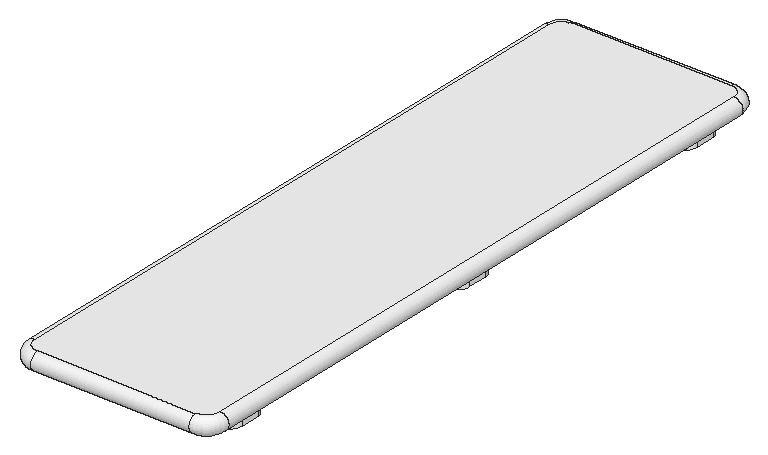
Revit family
Parameters (values of type "Plastic-0-White")
  Width [instance] = 0' - 7 1/2"
  URL = "http://www.us.kohler.com/us/"
  Product Page URL = "http://www.us.kohler.com/us/Bellwether-plastic-drain-cover-for-60-x-32-shower-base/productDetail/Shower-Bases/983312.htm?skuId=983304&brandId=1027726&pageName=globalSearch&_requestid=1610230"
  Product Documentation Link = "http://www.us.kohler.com/webassets/kpna/catalog/pdf/en/1217180_4.pdf"
  Model = "9155-0"
  Manufacturer = "Kohler"  # constant formula
  Length [instance] = 2' - 1 3/8"
  Height [instance] = 0' - 1.15703"
  Finish = Plastic-Kohler-0-White
  Description = "Plastic drain cover for 60in x 32in shower base"  # constant formula
  Assembly Code = "D2010700"
Reference planes (in)
  plane 1 "Center (Front/Back)": y = 0
  plane 2: z = 0
  plane 3 "Center (Left/Right)": x = 0
  plane 4: y = 12.6875
  plane 5: y = -12.6875
  plane 6: x = -3.75
  plane 7: x = 3.75
  plane 8: z = 1.15703
Dimensions and locks (in)
  "Width": plane 6 to plane 7
  "Length": plane 5 to plane 4
  "Height": plane 8 to plane 2
  equal spacing: plane 6, plane 3 "Center (Left/Right)", plane 7
  aligned and locked: plane 2 to level
Nested families (in)
  nested 1: "9155-Base" at (0, 0, 0), type "9155-Base"
Definition of nested family "9155-Base"
  Parameters (values of type "9155-Base")
    Width = 0' - 7 1/2"
    Length = 2' - 1 3/8"
    Finish = none
  Reference planes (in)
    plane 1 "Center (Front/Back)": y = 0
    plane 2: z = 0
    plane 3 "Center (Left/Right)": x = 0
    plane 4: y = 12.6875
    plane 5: y = -12.6875
    plane 6: x = -3.75
    plane 7: x = 3.75
    plane 8: z = 1.15625
  Forms (in)
    Extrusion 1, solid, material <- "Finish", detail levels medium+fine
      sketch origin (0, 0, 0) x (1, 0, 0) y (0, 1, 0)
        loop
          line (0, 10.57208) -> (-1.35946, 10.57208)
          arc (-1.35946, 10.57208) -> (-1.38712, 10.57888) -> (-1.40846, 10.59774) r 0.0596
          arc (-1.40846, 10.59774) -> (-1.73933, 10.85221) -> (-2.08283, 10.61507) r 0.35429
          arc (-2.08283, 10.61507) -> (-2.1065, 10.58364) -> (-2.144, 10.57172) r 0.06474
          line (-2.144, 10.57172) -> (-2.56006, 10.57073)
          arc (-2.56006, 10.57073) -> (-2.59843, 10.59116) -> (-2.61288, 10.63216) r 0.05991
          line (-2.61288, 10.63216) -> (-2.61288, 10.83861)
          arc (-2.61288, 10.83861) -> (-2.68749, 11.01608) -> (-2.8665, 11.08693) r 0.24838
          line (-2.8665, 11.08693) -> (-3.22522, 11.08693)
          arc (-3.22522, 11.08693) -> (-3.39289, 11.02362) -> (-3.47685, 10.86528) r 0.25366
          line (-3.47685, 10.86528) -> (-3.47685, 10.12221)
          arc (-3.47685, 10.12221) -> (-3.39034, 9.97363) -> (-3.22915, 9.9138) r 0.25487
          line (-3.22915, 9.9138) -> (-2.85938, 9.9138)
          arc (-2.85938, 9.9138) -> (-2.68486, 9.98637) -> (-2.61325, 10.16129) r 0.24614
          line (-2.61325, 10.16129) -> (-2.61325, 10.37323)
          arc (-2.61325, 10.37323) -> (-2.59548, 10.41439) -> (-2.55335, 10.4297) r 0.05657
          line (-2.55335, 10.4297) -> (-2.13918, 10.42875)
          arc (-2.13918, 10.42875) -> (-2.10464, 10.41724) -> (-2.08378, 10.3874) r 0.05796
          arc (-2.08378, 10.3874) -> (-1.75006, 10.14701) -> (-1.41634, 10.3874) r 0.35184
          arc (-1.41634, 10.3874) -> (-1.3929, 10.41794) -> (-1.35561, 10.4275) r 0.05898
          line (-1.35561, 10.4275) -> (-0.13311, 10.42675)
          arc (-0.13311, 10.42675) -> (-0.08963, 10.4082) -> (-0.07288, 10.364) r 0.06032
          line (-0.07288, 10.364) -> (-0.07766, 2.76345)
          arc (-0.07766, 2.76345) -> (-0.09489, 2.7195) -> (-0.13737, 2.69892) r 0.06477
          arc (-0.13737, 2.69892) -> (-0.69884, 2.60219) -> (-1.23296, 2.4039) r 3.08652
          arc (-1.23296, 2.4039) -> (-1.28006, 2.40094) -> (-1.31593, 2.43161) r 0.06281
          line (-1.31593, 2.43161) -> (-2.89534, 5.15677)
          arc (-2.89534, 5.15677) -> (-2.91375, 5.17379) -> (-2.93855, 5.17748) r 0.04252
          line (-2.93855, 5.17748) -> (-3.01209, 5.13485)
          arc (-3.01209, 5.13485) -> (-3.02255, 5.11364) -> (-3.0204, 5.09008) r 0.04366
          line (-3.0204, 5.09008) -> (-1.44455, 2.35013)
          arc (-1.44455, 2.35013) -> (-1.43824, 2.30589) -> (-1.46415, 2.26948) r 0.06021
          arc (-1.46415, 2.26948) -> (-2.21544, 1.5442) -> (-2.63305, 0.58709) r 2.68386
          arc (-2.63305, 0.58709) -> (-2.66848, 0.54346) -> (-2.72462, 0.54593) r 0.0625
          arc (-2.72462, 0.54593) -> (-2.78385, 0.57245) -> (-2.84684, 0.58801) r 0.36363
          line (-2.84684, 0.58801) -> (-3.22092, 0.58801)
          arc (-3.22092, 0.58801) -> (-3.39056, 0.52453) -> (-3.47685, 0.36528) r 0.25841
          line (-3.47685, 0.36528) -> (-3.47685, -0.37779)
          arc (-3.47685, -0.37779) -> (-3.39129, -0.53179) -> (-3.22441, -0.58826) r 0.24442
          line (-3.22441, -0.58826) -> (-2.84697, -0.58826)
          arc (-2.84697, -0.58826) -> (-2.78224, -0.57738) -> (-2.72462, -0.54593) r 0.19801
          arc (-2.72462, -0.54593) -> (-2.66568, -0.53897) -> (-2.6326, -0.58826) r 0.05691
          arc (-2.6326, -0.58826) -> (-2.21214, -1.54158) -> (-1.4657, -2.26852) r 2.73533
          arc (-1.4657, -2.26852) -> (-1.43938, -2.30524) -> (-1.44455, -2.35013) r 0.06274
          line (-1.44455, -2.35013) -> (-3.0204, -5.09008)
          arc (-3.0204, -5.09008) -> (-3.02423, -5.11398) -> (-3.01121, -5.13438) r 0.03406
          line (-3.01121, -5.13438) -> (-2.93792, -5.17797)
          arc (-2.93792, -5.17797) -> (-2.91242, -5.17581) -> (-2.89534, -5.15676) r 0.0347
          line (-2.89534, -5.15676) -> (-1.31593, -2.43161)
          arc (-1.31593, -2.43161) -> (-1.28032, -2.40231) -> (-1.23423, -2.40348) r 0.06598
          arc (-1.23423, -2.40348) -> (-0.70124, -2.60852) -> (-0.13737, -2.69892) r 2.74698
          arc (-0.13737, -2.69892) -> (-0.09445, -2.7191) -> (-0.07766, -2.76345) r 0.06319
          line (-0.07766, -2.76345) -> (-0.07335, -10.36406)
          arc (-0.07335, -10.36406) -> (-0.09067, -10.40737) -> (-0.13311, -10.42675) r 0.06272
          line (-0.13311, -10.42675) -> (-1.35343, -10.42675)
          arc (-1.35343, -10.42675) -> (-1.38988, -10.41644) -> (-1.41555, -10.38858) r 0.06963
          arc (-1.41555, -10.38858) -> (-1.75006, -10.15005) -> (-2.08458, -10.38858) r 0.35383
          arc (-2.08458, -10.38858) -> (-2.10562, -10.41718) -> (-2.13918, -10.42875) r 0.05963
          line (-2.13918, -10.42875) -> (-2.55335, -10.4297)
          arc (-2.55335, -10.4297) -> (-2.59414, -10.41338) -> (-2.61225, -10.37334) r 0.05881
          line (-2.61225, -10.37334) -> (-2.61225, -10.1633)
          arc (-2.61225, -10.1633) -> (-2.68549, -9.98647) -> (-2.86233, -9.91322) r 0.25008
          line (-2.86233, -9.91322) -> (-3.22799, -9.91322)
          arc (-3.22799, -9.91322) -> (-3.39251, -9.9745) -> (-3.47685, -10.12846) r 0.25149
          line (-3.47685, -10.12846) -> (-3.47685, -10.87153)
          arc (-3.47685, -10.87153) -> (-3.38914, -11.02439) -> (-3.2242, -11.08648) r 0.26061
          line (-3.2242, -11.08648) -> (-2.86683, -11.08648)
          arc (-2.86683, -11.08648) -> (-2.68923, -11.01434) -> (-2.61225, -10.83878) r 0.25469
          line (-2.61225, -10.83878) -> (-2.61225, -10.63224)
          arc (-2.61225, -10.63224) -> (-2.59744, -10.59191) -> (-2.56006, -10.57073) r 0.06235
          line (-2.56006, -10.57073) -> (-2.14744, -10.57073)
          arc (-2.14744, -10.57073) -> (-2.10731, -10.58338) -> (-2.08169, -10.61677) r 0.06997
          arc (-2.08169, -10.61677) -> (-1.73821, -10.85011) -> (-1.40846, -10.59774) r 0.35485
          arc (-1.40846, -10.59774) -> (-1.38715, -10.57882) -> (-1.35946, -10.57208) r 0.05904
          line (-1.35946, -10.57208) -> (0, -10.57208) -> (1.35946, -10.57208)
          arc (1.35946, -10.57208) -> (1.38715, -10.57882) -> (1.40846, -10.59774) r 0.05904
          arc (1.40846, -10.59774) -> (1.73821, -10.85011) -> (2.08169, -10.61677) r 0.35485
          arc (2.08169, -10.61677) -> (2.10731, -10.58338) -> (2.14744, -10.57073) r 0.06997
          line (2.14744, -10.57073) -> (2.56006, -10.57073)
          arc (2.56006, -10.57073) -> (2.59744, -10.59191) -> (2.61225, -10.63224) r 0.06235
          line (2.61225, -10.63224) -> (2.61225, -10.83878)
          arc (2.61225, -10.83878) -> (2.68923, -11.01434) -> (2.86683, -11.08648) r 0.25469
          line (2.86683, -11.08648) -> (3.2242, -11.08648)
          arc (3.2242, -11.08648) -> (3.38914, -11.02439) -> (3.47685, -10.87153) r 0.26061
          line (3.47685, -10.87153) -> (3.47685, -10.12846)
          arc (3.47685, -10.12846) -> (3.39251, -9.9745) -> (3.22799, -9.91322) r 0.25149
          line (3.22799, -9.91322) -> (2.86233, -9.91322)
          arc (2.86233, -9.91322) -> (2.68549, -9.98647) -> (2.61225, -10.1633) r 0.25008
          line (2.61225, -10.1633) -> (2.61225, -10.37334)
          arc (2.61225, -10.37334) -> (2.59414, -10.41338) -> (2.55335, -10.4297) r 0.05881
          line (2.55335, -10.4297) -> (2.13918, -10.42875)
          arc (2.13918, -10.42875) -> (2.10562, -10.41718) -> (2.08458, -10.38858) r 0.05963
          arc (2.08458, -10.38858) -> (1.75006, -10.15005) -> (1.41555, -10.38858) r 0.35383
          arc (1.41555, -10.38858) -> (1.38988, -10.41644) -> (1.35343, -10.42675) r 0.06963
          line (1.35343, -10.42675) -> (0.13311, -10.42675)
          arc (0.13311, -10.42675) -> (0.09067, -10.40737) -> (0.07335, -10.36406) r 0.06272
          line (0.07335, -10.36406) -> (0.07766, -2.76345)
          arc (0.07766, -2.76345) -> (0.09445, -2.7191) -> (0.13737, -2.69892) r 0.06319
          arc (0.13737, -2.69892) -> (0.70124, -2.60852) -> (1.23423, -2.40348) r 2.74698
          arc (1.23423, -2.40348) -> (1.28032, -2.40231) -> (1.31593, -2.43161) r 0.06598
          line (1.31593, -2.43161) -> (2.89534, -5.15676)
          arc (2.89534, -5.15676) -> (2.91242, -5.17581) -> (2.93792, -5.17797) r 0.0347
          line (2.93792, -5.17797) -> (3.01121, -5.13438)
          arc (3.01121, -5.13438) -> (3.02423, -5.11398) -> (3.0204, -5.09008) r 0.03406
          line (3.0204, -5.09008) -> (1.44455, -2.35013)
          arc (1.44455, -2.35013) -> (1.43938, -2.30524) -> (1.4657, -2.26852) r 0.06274
          arc (1.4657, -2.26852) -> (2.21214, -1.54158) -> (2.6326, -0.58826) r 2.73533
          arc (2.6326, -0.58826) -> (2.66568, -0.53897) -> (2.72462, -0.54593) r 0.05691
          arc (2.72462, -0.54593) -> (2.78224, -0.57738) -> (2.84697, -0.58826) r 0.19801
          line (2.84697, -0.58826) -> (3.22441, -0.58826)
          arc (3.22441, -0.58826) -> (3.39129, -0.53179) -> (3.47685, -0.37779) r 0.24442
          line (3.47685, -0.37779) -> (3.47685, 0.36528)
          arc (3.47685, 0.36528) -> (3.39056, 0.52453) -> (3.22092, 0.58801) r 0.25841
          line (3.22092, 0.58801) -> (2.84684, 0.58801)
          arc (2.84684, 0.58801) -> (2.78385, 0.57245) -> (2.72462, 0.54593) r 0.36363
          arc (2.72462, 0.54593) -> (2.66848, 0.54346) -> (2.63305, 0.58709) r 0.0625
          arc (2.63305, 0.58709) -> (2.21544, 1.5442) -> (1.46415, 2.26948) r 2.68386
          arc (1.46415, 2.26948) -> (1.43824, 2.30589) -> (1.44455, 2.35013) r 0.06021
          line (1.44455, 2.35013) -> (3.0204, 5.09008)
          arc (3.0204, 5.09008) -> (3.02255, 5.11364) -> (3.01209, 5.13485) r 0.04366
          line (3.01209, 5.13485) -> (2.93855, 5.17748)
          arc (2.93855, 5.17748) -> (2.91375, 5.17379) -> (2.89534, 5.15677) r 0.04252
          line (2.89534, 5.15677) -> (1.31593, 2.43161)
          arc (1.31593, 2.43161) -> (1.28006, 2.40094) -> (1.23296, 2.4039) r 0.06281
          arc (1.23296, 2.4039) -> (0.69884, 2.60219) -> (0.13737, 2.69892) r 3.08652
          arc (0.13737, 2.69892) -> (0.09489, 2.7195) -> (0.07766, 2.76345) r 0.06477
          line (0.07766, 2.76345) -> (0.07288, 10.364)
          arc (0.07288, 10.364) -> (0.08963, 10.4082) -> (0.13311, 10.42675) r 0.06032
          line (0.13311, 10.42675) -> (1.35561, 10.4275)
          arc (1.35561, 10.4275) -> (1.3929, 10.41794) -> (1.41634, 10.3874) r 0.05898
          arc (1.41634, 10.3874) -> (1.75006, 10.14701) -> (2.08378, 10.3874) r 0.35184
          arc (2.08378, 10.3874) -> (2.10464, 10.41724) -> (2.13918, 10.42875) r 0.05796
          line (2.13918, 10.42875) -> (2.55335, 10.4297)
          arc (2.55335, 10.4297) -> (2.59548, 10.41439) -> (2.61325, 10.37323) r 0.05657
          line (2.61325, 10.37323) -> (2.61325, 10.16129)
          arc (2.61325, 10.16129) -> (2.68486, 9.98637) -> (2.85938, 9.9138) r 0.24614
          line (2.85938, 9.9138) -> (3.22915, 9.9138)
          arc (3.22915, 9.9138) -> (3.39034, 9.97363) -> (3.47685, 10.12221) r 0.25487
          line (3.47685, 10.12221) -> (3.47685, 10.86528)
          arc (3.47685, 10.86528) -> (3.39289, 11.02362) -> (3.22522, 11.08693) r 0.25366
          line (3.22522, 11.08693) -> (2.8665, 11.08693)
          arc (2.8665, 11.08693) -> (2.68749, 11.01608) -> (2.61288, 10.83861) r 0.24838
          line (2.61288, 10.83861) -> (2.61288, 10.63216)
          arc (2.61288, 10.63216) -> (2.59843, 10.59116) -> (2.56006, 10.57073) r 0.05991
          line (2.56006, 10.57073) -> (2.144, 10.57172)
          arc (2.144, 10.57172) -> (2.1065, 10.58364) -> (2.08283, 10.61507) r 0.06474
          arc (2.08283, 10.61507) -> (1.73933, 10.85221) -> (1.40846, 10.59774) r 0.35429
          arc (1.40846, 10.59774) -> (1.38712, 10.57888) -> (1.35946, 10.57208) r 0.0596
          line (1.35946, 10.57208) -> (0, 10.57208)
        loop
          line (0.07919, 2.49904) -> (0.07919, 1.51249)
          arc (0.07919, 1.51249) -> (0.09552, 1.46925) -> (0.13606, 1.44707) r 0.06658
          arc (0.13606, 1.44707) -> (0.37734, 1.3967) -> (0.61095, 1.3181) r 2.07609
          arc (0.61095, 1.3181) -> (0.65431, 1.31696) -> (0.68778, 1.34455) r 0.06192
          line (0.68778, 1.34455) -> (1.1759, 2.19001)
          arc (1.1759, 2.19001) -> (1.18192, 2.23592) -> (1.1528, 2.27193) r 0.05873
          arc (1.1528, 2.27193) -> (0.66169, 2.46456) -> (0.1401, 2.54353) r 2.36476
          arc (0.1401, 2.54353) -> (0.10191, 2.53188) -> (0.07919, 2.49904) r 0.06078
        loop
          line (1.31604, 2.12592) -> (0.82359, 1.27106)
          arc (0.82359, 1.27106) -> (0.81616, 1.22545) -> (0.84021, 1.18598) r 0.06658
          arc (0.84021, 1.18598) -> (1.02414, 1.02191) -> (1.18733, 0.83719) r 2.07609
          arc (1.18733, 0.83719) -> (1.22434, 0.81456) -> (1.26711, 0.82176) r 0.06192
          line (1.26711, 0.82176) -> (2.11209, 1.31071)
          arc (2.11209, 1.31071) -> (2.14023, 1.34749) -> (2.13297, 1.39322) r 0.05873
          arc (2.13297, 1.39322) -> (1.80357, 1.80528) -> (1.39102, 2.13407) r 2.36476
          arc (1.39102, 2.13407) -> (1.35211, 2.14303) -> (1.31604, 2.12592) r 0.06078
        loop
          line (2.20268, 1.18309) -> (1.34878, 0.68898)
          arc (1.34878, 0.68898) -> (1.31954, 0.65319) -> (1.32064, 0.60699) r 0.06658
          arc (1.32064, 0.60699) -> (1.39789, 0.37293) -> (1.44686, 0.13136) r 2.07609
          arc (1.44686, 0.13136) -> (1.46759, 0.09326) -> (1.50823, 0.07811) r 0.06192
          line (1.50823, 0.07811) -> (2.48448, 0.07906)
          arc (2.48448, 0.07906) -> (2.52723, 0.09685) -> (2.54382, 0.14008) r 0.05873
          arc (2.54382, 0.14008) -> (2.46458, 0.66164) -> (2.27169, 1.15265) r 2.36476
          arc (2.27169, 1.15265) -> (2.24248, 1.17986) -> (2.20268, 1.18309) r 0.06078
        loop
          arc (0.07919, -2.49904) -> (0.10191, -2.53188) -> (0.1401, -2.54353) r 0.06078
          arc (0.1401, -2.54353) -> (0.66169, -2.46456) -> (1.1528, -2.27193) r 2.36476
          arc (1.1528, -2.27193) -> (1.18192, -2.23592) -> (1.1759, -2.19001) r 0.05873
          line (1.1759, -2.19001) -> (0.68778, -1.34455)
          arc (0.68778, -1.34455) -> (0.65431, -1.31696) -> (0.61095, -1.3181) r 0.06192
          arc (0.61095, -1.3181) -> (0.37734, -1.3967) -> (0.13606, -1.44707) r 2.07609
          arc (0.13606, -1.44707) -> (0.09552, -1.46925) -> (0.07919, -1.51249) r 0.06658
          line (0.07919, -1.51249) -> (0.07919, -2.49904)
        loop
          arc (1.31604, -2.12592) -> (1.35211, -2.14303) -> (1.39102, -2.13407) r 0.06078
          arc (1.39102, -2.13407) -> (1.80357, -1.80528) -> (2.13297, -1.39322) r 2.36476
          arc (2.13297, -1.39322) -> (2.14023, -1.34749) -> (2.11209, -1.31071) r 0.05873
          line (2.11209, -1.31071) -> (1.26711, -0.82176)
          arc (1.26711, -0.82176) -> (1.22434, -0.81456) -> (1.18733, -0.83719) r 0.06192
          arc (1.18733, -0.83719) -> (1.02414, -1.02191) -> (0.84021, -1.18598) r 2.07609
          arc (0.84021, -1.18598) -> (0.81616, -1.22545) -> (0.82359, -1.27106) r 0.06658
          line (0.82359, -1.27106) -> (1.31604, -2.12592)
        loop
          arc (2.20268, -1.18309) -> (2.24248, -1.17986) -> (2.27169, -1.15265) r 0.06078
          arc (2.27169, -1.15265) -> (2.46458, -0.66164) -> (2.54382, -0.14008) r 2.36476
          arc (2.54382, -0.14008) -> (2.52723, -0.09685) -> (2.48448, -0.07906) r 0.05873
          line (2.48448, -0.07906) -> (1.50823, -0.07811)
          arc (1.50823, -0.07811) -> (1.46759, -0.09326) -> (1.44686, -0.13136) r 0.06192
          arc (1.44686, -0.13136) -> (1.39789, -0.37293) -> (1.32064, -0.60699) r 2.07609
          arc (1.32064, -0.60699) -> (1.31954, -0.65319) -> (1.34878, -0.68898) r 0.06658
          line (1.34878, -0.68898) -> (2.20268, -1.18309)
        loop
          arc (-0.07919, 2.49904) -> (-0.10191, 2.53188) -> (-0.1401, 2.54353) r 0.06078
          arc (-0.1401, 2.54353) -> (-0.66169, 2.46456) -> (-1.1528, 2.27193) r 2.36476
          arc (-1.1528, 2.27193) -> (-1.18192, 2.23592) -> (-1.1759, 2.19001) r 0.05873
          line (-1.1759, 2.19001) -> (-0.68778, 1.34455)
          arc (-0.68778, 1.34455) -> (-0.65431, 1.31696) -> (-0.61095, 1.3181) r 0.06192
          arc (-0.61095, 1.3181) -> (-0.37734, 1.3967) -> (-0.13606, 1.44707) r 2.07609
          arc (-0.13606, 1.44707) -> (-0.09552, 1.46925) -> (-0.07919, 1.51249) r 0.06658
          line (-0.07919, 1.51249) -> (-0.07919, 2.49904)
        loop
          arc (-1.31604, 2.12592) -> (-1.35211, 2.14303) -> (-1.39102, 2.13407) r 0.06078
          arc (-1.39102, 2.13407) -> (-1.80357, 1.80528) -> (-2.13297, 1.39322) r 2.36476
          arc (-2.13297, 1.39322) -> (-2.14023, 1.34749) -> (-2.11209, 1.31071) r 0.05873
          line (-2.11209, 1.31071) -> (-1.26711, 0.82176)
          arc (-1.26711, 0.82176) -> (-1.22434, 0.81456) -> (-1.18733, 0.83719) r 0.06192
          arc (-1.18733, 0.83719) -> (-1.02414, 1.02191) -> (-0.84021, 1.18598) r 2.07609
          arc (-0.84021, 1.18598) -> (-0.81616, 1.22545) -> (-0.82359, 1.27106) r 0.06658
          line (-0.82359, 1.27106) -> (-1.31604, 2.12592)
        loop
          arc (-2.20268, 1.18309) -> (-2.24248, 1.17986) -> (-2.27169, 1.15265) r 0.06078
          arc (-2.27169, 1.15265) -> (-2.46458, 0.66164) -> (-2.54382, 0.14008) r 2.36476
          arc (-2.54382, 0.14008) -> (-2.52723, 0.09685) -> (-2.48448, 0.07906) r 0.05873
          line (-2.48448, 0.07906) -> (-1.50823, 0.07811)
          arc (-1.50823, 0.07811) -> (-1.46759, 0.09326) -> (-1.44686, 0.13136) r 0.06192
          arc (-1.44686, 0.13136) -> (-1.39789, 0.37293) -> (-1.32064, 0.60699) r 2.07609
          arc (-1.32064, 0.60699) -> (-1.31954, 0.65319) -> (-1.34878, 0.68898) r 0.06658
          line (-1.34878, 0.68898) -> (-2.20268, 1.18309)
        loop
          line (-0.07919, -2.49904) -> (-0.07919, -1.51249)
          arc (-0.07919, -1.51249) -> (-0.09552, -1.46925) -> (-0.13606, -1.44707) r 0.06658
          arc (-0.13606, -1.44707) -> (-0.37734, -1.3967) -> (-0.61095, -1.3181) r 2.07609
          arc (-0.61095, -1.3181) -> (-0.65431, -1.31696) -> (-0.68778, -1.34455) r 0.06192
          line (-0.68778, -1.34455) -> (-1.1759, -2.19001)
          arc (-1.1759, -2.19001) -> (-1.18192, -2.23592) -> (-1.1528, -2.27193) r 0.05873
          arc (-1.1528, -2.27193) -> (-0.66169, -2.46456) -> (-0.1401, -2.54353) r 2.36476
          arc (-0.1401, -2.54353) -> (-0.10191, -2.53188) -> (-0.07919, -2.49904) r 0.06078
        loop
          line (-1.31604, -2.12592) -> (-0.82359, -1.27106)
          arc (-0.82359, -1.27106) -> (-0.81616, -1.22545) -> (-0.84021, -1.18598) r 0.06658
          arc (-0.84021, -1.18598) -> (-1.02414, -1.02191) -> (-1.18733, -0.83719) r 2.07609
          arc (-1.18733, -0.83719) -> (-1.22434, -0.81456) -> (-1.26711, -0.82176) r 0.06192
          line (-1.26711, -0.82176) -> (-2.11209, -1.31071)
          arc (-2.11209, -1.31071) -> (-2.14023, -1.34749) -> (-2.13297, -1.39322) r 0.05873
          arc (-2.13297, -1.39322) -> (-1.80357, -1.80528) -> (-1.39102, -2.13407) r 2.36476
          arc (-1.39102, -2.13407) -> (-1.35211, -2.14303) -> (-1.31604, -2.12592) r 0.06078
        loop
          line (-2.20268, -1.18309) -> (-1.34878, -0.68898)
          arc (-1.34878, -0.68898) -> (-1.31954, -0.65319) -> (-1.32064, -0.60699) r 0.06658
          arc (-1.32064, -0.60699) -> (-1.39789, -0.37293) -> (-1.44686, -0.13136) r 2.07609
          arc (-1.44686, -0.13136) -> (-1.46759, -0.09326) -> (-1.50823, -0.07811) r 0.06192
          line (-1.50823, -0.07811) -> (-2.48448, -0.07906)
          arc (-2.48448, -0.07906) -> (-2.52723, -0.09685) -> (-2.54382, -0.14008) r 0.05873
          arc (-2.54382, -0.14008) -> (-2.46458, -0.66164) -> (-2.27169, -1.15265) r 2.36476
          arc (-2.27169, -1.15265) -> (-2.24248, -1.17986) -> (-2.20268, -1.18309) r 0.06078
      from 0 to 0.96067
    Extrusion 2, solid, material <- "Finish", detail levels medium+fine
      sketch origin (0, 0, 0) x (1, 0, 0) y (0, 1, 0)
        loop
          arc (-2.94273, 12.34292) -> (-3.28098, 12.20281) -> (-3.42108, 11.86456) r 0.47836
          line (-3.42108, 11.86456) -> (-3.42108, -11.83686)
          arc (-3.42108, -11.83686) -> (-3.27464, -12.19041) -> (-2.92108, -12.33686) r 0.5
          line (-2.92108, -12.33686) -> (2.92108, -12.33686)
          arc (2.92108, -12.33686) -> (3.27464, -12.19041) -> (3.42108, -11.83686) r 0.5
          line (3.42108, -11.83686) -> (3.42108, 11.86545)
          arc (3.42108, 11.86545) -> (3.28124, 12.20307) -> (2.94362, 12.34292) r 0.47747
          line (2.94362, 12.34292) -> (-2.94273, 12.34292)
      from 0.53208 to 1.15703
    Sweep 3, solid, material <- "Finish", detail levels medium+fine
      path in 3D
        loop
          arc (-3.42108, -11.83686, 1.15703) -> (-3.27464, -12.19041, 1.15703) -> (-2.92108, -12.33686, 1.15703) r 0.5
          line (-2.92108, -12.33686, 1.15703) -> (2.92108, -12.33686, 1.15703)
          arc (2.92108, -12.33686, 1.15703) -> (3.27464, -12.19041, 1.15703) -> (3.42108, -11.83686, 1.15703) r 0.5
          line (3.42108, -11.83686, 1.15703) -> (3.42108, 11.86545, 1.15703)
          arc (3.42108, 11.86545, 1.15703) -> (3.28124, 12.20307, 1.15703) -> (2.94362, 12.34292, 1.15703) r 0.47747
          line (2.94362, 12.34292, 1.15703) -> (-2.94273, 12.34292, 1.15703)
          arc (-2.94273, 12.34292, 1.15703) -> (-3.28098, 12.20281, 1.15703) -> (-3.42108, 11.86456, 1.15703) r 0.47836
          line (-3.42108, 11.86456, 1.15703) -> (-3.42108, -11.83686, 1.15703)
      profile origin (-3.42108, 0.01385, 1.15703) x (1, 0, 0) y (0, 0, 1)
        loop
          arc (0, 0) -> (-0.31247, -0.31247) -> (0, -0.62495) r 0.31247
          line (0, -0.62495) -> (0, 0)
    Extrusion 4, void
      sketch origin (0, 0, 0) x (1, 0, 0) y (0, 0, 1)
        loop
          line (-0.49215, 0.01547) -> (-3.53448, 0.17491) -> (-3.53448, -0.10445) -> (-0.49215, -0.10445) -> (-0.49215, 0.01547)
      from -11.775 to 12
    Extrusion 5, void
      sketch origin (0, 0, 0) x (1, 0, 0) y (0, 0, 1)
        loop
          line (-3.5273, 0.32334) -> (-3.5273, 0.09979) -> (-2.94492, 0.09979) -> (-3.5273, 0.32334)
      from -11.44539 to 12
    Extrusion 6, void
      sketch origin (0, 0, 0) x (-1, 0, 0) y (0, 0, -1)
        loop
          line (-0.49215, -0.01547) -> (-0.49215, 0.10445) -> (-3.53448, 0.10445) -> (-3.53448, -0.17491) -> (-0.49215, -0.01547)
      from -11.775 to 12
    Extrusion 7, void
      sketch origin (0, 0, 0) x (-1, 0, 0) y (0, 0, -1)
        loop
          line (-3.5273, -0.32334) -> (-2.94492, -0.09979) -> (-3.5273, -0.09979) -> (-3.5273, -0.32334)
      from -11.44539 to 12
    Extrusion 8, solid, detail levels coarse
      sketch origin (0, 0, 0) x (1, 0, 0) y (0, 1, 0)
        loop
          line (-3.75, 12.6875) -> (-3.75, -12.6875) -> (3.75, -12.6875) -> (3.75, 12.6875) -> (-3.75, 12.6875)
      from 0 to 1.15625
  Cuts and joins
    Extrusion 4, Extrusion 5, Extrusion 6, Extrusion 7 cuts Extrusion 1
    Extrusion 6, Extrusion 7 cuts Extrusion 2
    Extrusion 6, Extrusion 7 cuts Sweep 3
    joined: Extrusion 1, Extrusion 2, Sweep 3
  Lines and regions (in)
    Masking region 1, detail levels coarse
      outline origin (0, 0, 0) x (1, 0, 0) y (0, 1, 0)
        loop
          line (-3.75, 12.6875) -> (-3.75, -12.6875) -> (3.75, -12.6875) -> (3.75, 12.6875) -> (-3.75, 12.6875)
    Masking region 2, detail levels medium+fine
      outline origin (0, 0, 0) x (1, 0, 0) y (0, 1, 0)
        loop
          arc (2.94136, -12.6875) -> (3.5109, -12.40799) -> (3.75, -11.82034) r 0.89083
          line (3.75, -11.82034) -> (3.75, 11.82034)
          arc (3.75, 11.82034) -> (3.5109, 12.40799) -> (2.94136, 12.6875) r 0.89083
          line (2.94136, 12.6875) -> (-2.94136, 12.6875)
          arc (-2.94136, 12.6875) -> (-3.5109, 12.40799) -> (-3.75, 11.82034) r 0.89083
          line (-3.75, 11.82034) -> (-3.75, -11.82034)
          arc (-3.75, -11.82034) -> (-3.5109, -12.40799) -> (-2.94136, -12.6875) r 0.89083
          line (-2.94136, -12.6875) -> (2.94136, -12.6875)
    Masking region 3, detail levels medium+fine
      outline origin (0, 0, 0) x (1, 0, 0) y (0, 0, 1)
        loop
          line (3.47685, 1.15625) -> (-3.47685, 1.15625)
          arc (-3.47685, 1.15625) -> (-3.75196, 0.84668) -> (-3.47685, 0.5371) r 0.31173
          line (-3.47685, 0.5371) -> (-3.47685, 0.30698)
          arc (-3.47685, 0.30698) -> (-3.29229, 0.19682) -> (-3.08142, 0.15518) r 0.62945
          arc (-3.08142, 0.15518) -> (-1.54106, 0.07064) -> (0, 0) r 170.91054
          arc (0, 0) -> (1.54106, 0.07064) -> (3.08142, 0.15518) r 170.91054
          arc (3.08142, 0.15518) -> (3.29229, 0.19682) -> (3.47685, 0.30698) r 0.62945
          line (3.47685, 0.30698) -> (3.47685, 0.5371)
          arc (3.47685, 0.5371) -> (3.75196, 0.84668) -> (3.47685, 1.15625) r 0.31173
    Masking region 4, detail levels coarse
      outline origin (0, 0, 0) x (1, 0, 0) y (0, 0, 1)
        loop
          line (-3.75, 1.15625) -> (-3.75, 0) -> (3.75, 0) -> (3.75, 1.15625) -> (-3.75, 1.15625)
    Masking region 5, detail levels coarse
      outline origin (0, 0, 0) x (0, 1, 0) y (0, 0, 1)
        loop
          line (12.6875, 1.15625) -> (-12.6875, 1.15625) -> (-12.6875, 0) -> (12.6875, 0) -> (12.6875, 1.15625)
    Masking region 6, detail levels medium+fine
      outline origin (0, 0, 0) x (0, 1, 0) y (0, 0, 1)
        loop
          line (12.37517, 1.15625) -> (-12.37517, 1.15625)
          arc (-12.37517, 1.15625) -> (-12.6875, 0.84392) -> (-12.37517, 0.53158) r 0.31233
          line (-12.37517, 0.53158) -> (-11.08694, 0.53158) -> (-11.08646, 0.13992)
          spline (-11.08646, 0.13992) -> (-11.0845, 0.13826) -> (-11.07861, 0.13662) -> (-11.06886, 0.13504) -> (-11.05543, 0.13353) -> (-11.03851, 0.13212) -> (-11.01837, 0.13083) -> (-10.99532, 0.12969) -> (-10.96972, 0.1287) -> (-10.94198, 0.12789) -> (-10.91251, 0.12726) -> (-10.88179, 0.12683) -> (-10.85028, 0.12661)
          line (-10.85028, 0.12661) -> (-10.85028, 0.0813)
          spline (-10.85028, 0.0813) -> (-10.84827, 0.07932) -> (-10.84226, 0.07737) -> (-10.83231, 0.07546) -> (-10.81855, 0.07361) -> (-10.80112, 0.07186) -> (-10.78022, 0.07021) -> (-10.75609, 0.06868) -> (-10.72901, 0.0673) -> (-10.69927, 0.06608) -> (-10.66722, 0.06503) -> (-10.63322, 0.06416) -> (-10.59765, 0.06349)
          spline (-10.59765, 0.06349) -> (-10.59384, 0.06334) -> (-10.59027, 0.06317) -> (-10.58697, 0.06299) -> (-10.58395, 0.0628) -> (-10.58124, 0.06259) -> (-10.57886, 0.06238) -> (-10.57682, 0.06215) -> (-10.57513, 0.06192) -> (-10.5738, 0.06168) -> (-10.57284, 0.06143) -> (-10.57227, 0.06119) -> (-10.57208, 0.06094)
          line (-10.57208, 0.06094) -> (-10.57208, 0) -> (-10.42675, 0) -> (-10.42674, 0.06061)
          spline (-10.42674, 0.06061) -> (-10.42648, 0.06093) -> (-10.4257, 0.06125) -> (-10.42441, 0.06156) -> (-10.42261, 0.06187) -> (-10.42031, 0.06217) -> (-10.41755, 0.06245) -> (-10.41433, 0.06272) -> (-10.41069, 0.06298) -> (-10.40665, 0.06321) -> (-10.40224, 0.06343) -> (-10.3975, 0.06362) -> (-10.39246, 0.06379)
          spline (-10.39246, 0.06379) -> (-10.35812, 0.06449) -> (-10.32537, 0.06538) -> (-10.29455, 0.06644) -> (-10.26601, 0.06767) -> (-10.24005, 0.06904) -> (-10.21695, 0.07054) -> (-10.19697, 0.07217) -> (-10.18031, 0.07389) -> (-10.16717, 0.07569) -> (-10.15768, 0.07756) -> (-10.15194, 0.07946) -> (-10.15002, 0.08139)
          line (-10.15002, 0.08139) -> (-10.15002, 0.12659)
          spline (-10.15002, 0.12659) -> (-10.11861, 0.12679) -> (-10.08791, 0.12719) -> (-10.05843, 0.12779) -> (-10.03061, 0.12857) -> (-10.00493, 0.12954) -> (-9.98177, 0.13067) -> (-9.96152, 0.13194) -> (-9.94449, 0.13333) -> (-9.93097, 0.13483) -> (-9.92115, 0.1364) -> (-9.91521, 0.13803) -> (-9.91324, 0.13968)
          line (-9.91324, 0.13968) -> (-9.91324, 0.53208) -> (-5.17797, 0.53208) -> (-5.17797, 0.14364)
          spline (-5.17797, 0.14364) -> (-5.17896, 0.14342) -> (-5.17942, 0.14319) -> (-5.17933, 0.14297) -> (-5.17868, 0.14274) -> (-5.17751, 0.14252) -> (-5.17581, 0.14231) -> (-5.17362, 0.14211) -> (-5.17098, 0.14193) -> (-5.16792, 0.14177) -> (-5.16449, 0.14162) -> (-5.16075, 0.14151) -> (-5.15676, 0.14141)
          line (-5.15676, 0.14141) -> (-2.76345, 0.06872) -> (-2.76345, 0) -> (0, 0) -> (2.76345, 0) -> (2.76345, 0.06872) -> (5.15676, 0.14141)
          spline (5.15676, 0.14141) -> (5.16075, 0.14151) -> (5.16449, 0.14162) -> (5.16792, 0.14177) -> (5.17098, 0.14193) -> (5.17362, 0.14211) -> (5.17581, 0.14231) -> (5.17751, 0.14252) -> (5.17868, 0.14274) -> (5.17933, 0.14297) -> (5.17942, 0.14319) -> (5.17896, 0.14342) -> (5.17797, 0.14364)
          line (5.17797, 0.14364) -> (5.17797, 0.53208) -> (9.91324, 0.53208) -> (9.91324, 0.13968)
          spline (9.91324, 0.13968) -> (9.91521, 0.13803) -> (9.92115, 0.1364) -> (9.93097, 0.13483) -> (9.94449, 0.13333) -> (9.96152, 0.13194) -> (9.98177, 0.13067) -> (10.00493, 0.12954) -> (10.03061, 0.12857) -> (10.05843, 0.12779) -> (10.08791, 0.12719) -> (10.11861, 0.12679) -> (10.15002, 0.12659)
          line (10.15002, 0.12659) -> (10.15002, 0.08139)
          spline (10.15002, 0.08139) -> (10.15194, 0.07946) -> (10.15768, 0.07756) -> (10.16717, 0.07569) -> (10.18031, 0.07389) -> (10.19697, 0.07217) -> (10.21695, 0.07054) -> (10.24005, 0.06904) -> (10.26601, 0.06767) -> (10.29455, 0.06644) -> (10.32537, 0.06538) -> (10.35812, 0.06449) -> (10.39246, 0.06379)
          spline (10.39246, 0.06379) -> (10.3975, 0.06362) -> (10.40224, 0.06343) -> (10.40665, 0.06321) -> (10.41069, 0.06298) -> (10.41433, 0.06272) -> (10.41755, 0.06245) -> (10.42031, 0.06217) -> (10.42261, 0.06187) -> (10.42441, 0.06156) -> (10.4257, 0.06125) -> (10.42648, 0.06093) -> (10.42675, 0.06061)
          line (10.42675, 0.06061) -> (10.42675, 0) -> (10.57208, 0) -> (10.57208, 0.06094)
          spline (10.57208, 0.06094) -> (10.57227, 0.06119) -> (10.57284, 0.06143) -> (10.5738, 0.06168) -> (10.57513, 0.06192) -> (10.57682, 0.06215) -> (10.57886, 0.06238) -> (10.58124, 0.06259) -> (10.58395, 0.0628) -> (10.58697, 0.06299) -> (10.59027, 0.06317) -> (10.59384, 0.06334) -> (10.59765, 0.06349)
          spline (10.59765, 0.06349) -> (10.63322, 0.06416) -> (10.66722, 0.06503) -> (10.69927, 0.06608) -> (10.72901, 0.0673) -> (10.75609, 0.06868) -> (10.78022, 0.07021) -> (10.80112, 0.07186) -> (10.81855, 0.07361) -> (10.83231, 0.07546) -> (10.84226, 0.07737) -> (10.84827, 0.07932) -> (10.85028, 0.0813)
          line (10.85028, 0.0813) -> (10.85028, 0.12661)
          spline (10.85028, 0.12661) -> (10.88179, 0.12683) -> (10.91251, 0.12726) -> (10.94198, 0.12789) -> (10.96972, 0.1287) -> (10.99532, 0.12969) -> (11.01837, 0.13083) -> (11.03851, 0.13212) -> (11.05543, 0.13353) -> (11.06886, 0.13504) -> (11.07861, 0.13662) -> (11.0845, 0.13826) -> (11.08694, 0.13874)
          line (11.08694, 0.13874) -> (11.08694, 0.53158) -> (12.37517, 0.53158)
          arc (12.37517, 0.53158) -> (12.6875, 0.84392) -> (12.37517, 1.15625) r 0.31233
    sketch lines
      curve 1: line (-3.42108, 11.86456, 1.15703) -> (-3.42108, -11.83686, 1.15703)
      curve 2: arc (-3.42108, 11.86456, 1.15703) -> (-3.28098, 12.20281, 1.15703) -> (-2.94273, 12.34292, 1.15703) r 0.47836
      curve 3: line (2.94362, 12.34292, 1.15703) -> (-2.94273, 12.34292, 1.15703)
      curve 4: arc (2.94362, 12.34292, 1.15703) -> (3.28124, 12.20307, 1.15703) -> (3.42108, 11.86545, 1.15703) r 0.47747
      curve 5: line (3.42108, -11.83686, 1.15703) -> (3.42108, 11.86545, 1.15703)
      curve 6: arc (3.42108, -11.83686, 1.15703) -> (3.27464, -12.19041, 1.15703) -> (2.92108, -12.33686, 1.15703) r 0.5
      curve 7: line (-2.92108, -12.33686, 1.15703) -> (2.92108, -12.33686, 1.15703)
      curve 8: arc (-2.92108, -12.33686, 1.15703) -> (-3.27464, -12.19041, 1.15703) -> (-3.42108, -11.83686, 1.15703) r 0.5
    symbolic lines, style "Masking Lines", detail levels fine
      curve 9: line (-3.42108, 0, 0.53208) -> (3.42108, 0, 0.53208)
      curve 10: arc (3.42108, 0, 0.53208) -> (3.44908, 0, 0.53334) -> (3.47685, 0, 0.5371) r 0.31247
      curve 11: arc (-3.42108, 0, 0.53208) -> (-3.44908, 0, 0.53334) -> (-3.47685, 0, 0.5371) r 0.31248
      curve 12: line (0, 11.08694, 0.53158) -> (0, -11.08694, 0.53158)
      curve 13: spline (0, -9.91386, 0.20846) -> (0, -9.91476, 0.21948) -> (0, -9.91923, 0.23039) -> (0, -9.9272, 0.24104) -> (0, -9.93858, 0.25128) -> (0, -9.9532, 0.26098) -> (0, -9.97087, 0.27001) -> (0, -9.99135, 0.27824) -> (0, -10.01436, 0.28556) -> (0, -10.03958, 0.29187) -> (0, -10.06669, 0.29709) -> (0, -10.0953, 0.30115) -> (0, -10.12504, 0.30398)
      curve 14: line (0, -10.12504, 0.30398) -> (0, -10.87433, 0.30398)
      curve 15: spline (0, -10.87433, 0.30398) -> (0, -10.90398, 0.30085) -> (0, -10.93246, 0.29653) -> (0, -10.9594, 0.2911) -> (0, -10.98447, 0.28462) -> (0, -11.00733, 0.27716) -> (0, -11.02772, 0.26883) -> (0, -11.04535, 0.25973) -> (0, -11.06002, 0.24998) -> (0, -11.07153, 0.2397) -> (0, -11.07974, 0.22901) -> (0, -11.08454, 0.21807) -> (0, -11.08588, 0.207)
      curve 16: line (0, -11.08648, 0.151) -> (0, -9.91322, 0.151)
      curve 17: spline (0, -10.38876, 0.06386) -> (0, -10.32245, 0.06547) -> (0, -10.2639, 0.06777) -> (0, -10.21559, 0.07064) -> (0, -10.17959, 0.07397) -> (0, -10.15742, 0.07762) -> (0, -10.15003, 0.08143) -> (0, -10.15773, 0.08524) -> (0, -10.18019, 0.08888) -> (0, -10.21647, 0.09221) -> (0, -10.26501, 0.09507) -> (0, -10.32374, 0.09735) -> (0, -10.39018, 0.09895)
      curve 18: spline (0, -10.39018, 0.09895) -> (0, -10.39556, 0.09908) -> (0, -10.40068, 0.09923) -> (0, -10.4055, 0.0994) -> (0, -10.40997, 0.0996) -> (0, -10.41405, 0.09982) -> (0, -10.41769, 0.10006) -> (0, -10.42085, 0.10032) -> (0, -10.42352, 0.10059) -> (0, -10.42566, 0.10088) -> (0, -10.42726, 0.10118) -> (0, -10.42829, 0.10148) -> (0, -10.42875, 0.10178)
      curve 19: spline (0, -10.42674, 0.06061) -> (0, -10.42645, 0.06094) -> (0, -10.42558, 0.06127) -> (0, -10.42414, 0.06159) -> (0, -10.42213, 0.06191) -> (0, -10.41958, 0.06222) -> (0, -10.4165, 0.06251) -> (0, -10.41292, 0.06279) -> (0, -10.40888, 0.06305) -> (0, -10.4044, 0.06328) -> (0, -10.39953, 0.0635) -> (0, -10.3943, 0.06369) -> (0, -10.38876, 0.06386)
      curve 20: spline (0, -10.57073, 0.10222) -> (0, -10.57109, 0.10184) -> (0, -10.57217, 0.10148) -> (0, -10.57396, 0.10112) -> (0, -10.57644, 0.10077) -> (0, -10.57959, 0.10043) -> (0, -10.58337, 0.10012) -> (0, -10.58774, 0.09982) -> (0, -10.59267, 0.09955) -> (0, -10.59809, 0.09931) -> (0, -10.60395, 0.0991) -> (0, -10.61019, 0.09892) -> (0, -10.61675, 0.09877)
      curve 21: spline (0, -10.61675, 0.09877) -> (0, -10.68313, 0.09708) -> (0, -10.74137, 0.0947) -> (0, -10.78897, 0.09174) -> (0, -10.82386, 0.08833) -> (0, -10.84455, 0.08462) -> (0, -10.85014, 0.08077) -> (0, -10.84039, 0.07694) -> (0, -10.81572, 0.07329) -> (0, -10.77719, 0.06999) -> (0, -10.72647, 0.06718) -> (0, -10.66575, 0.06498) -> (0, -10.59765, 0.06349)
      curve 22: spline (0, -10.59765, 0.06349) -> (0, -10.59382, 0.06334) -> (0, -10.59023, 0.06317) -> (0, -10.58692, 0.06299) -> (0, -10.58389, 0.06279) -> (0, -10.58118, 0.06259) -> (0, -10.57879, 0.06237) -> (0, -10.57675, 0.06214) -> (0, -10.57506, 0.06191) -> (0, -10.57374, 0.06167) -> (0, -10.5728, 0.06142) -> (0, -10.57225, 0.06117) -> (0, -10.57208, 0.06092)
      curve 23: spline (0, -10.63167, 0.12658) -> (0, -10.62442, 0.12655) -> (0, -10.61728, 0.12648) -> (0, -10.61034, 0.12637) -> (0, -10.6037, 0.12621) -> (0, -10.59745, 0.12602) -> (0, -10.59167, 0.12579) -> (0, -10.58644, 0.12553) -> (0, -10.58184, 0.12523) -> (0, -10.57791, 0.12491) -> (0, -10.57473, 0.12457) -> (0, -10.57232, 0.12421) -> (0, -10.57073, 0.12384)
      curve 24: line (0, -10.83934, 0.12658) -> (0, -10.63167, 0.12658)
      curve 25: spline (0, -11.08646, 0.13992) -> (0, -11.08439, 0.13821) -> (0, -11.07815, 0.13653) -> (0, -11.06785, 0.13491) -> (0, -11.05366, 0.13336) -> (0, -11.03581, 0.13193) -> (0, -11.0146, 0.13063) -> (0, -10.99037, 0.12948) -> (0, -10.96353, 0.1285) -> (0, -10.93451, 0.12771) -> (0, -10.9038, 0.12712) -> (0, -10.8719, 0.12674) -> (0, -10.83934, 0.12658)
      curve 26: line (0, -10.37084, 0.12658) -> (0, -10.16044, 0.12658)
      curve 27: spline (0, -10.4297, 0.12349) -> (0, -10.42921, 0.12389) -> (0, -10.42773, 0.12429) -> (0, -10.42527, 0.12467) -> (0, -10.42187, 0.12503) -> (0, -10.4176, 0.12537) -> (0, -10.41252, 0.12567) -> (0, -10.40673, 0.12594) -> (0, -10.40032, 0.12617) -> (0, -10.3934, 0.12634) -> (0, -10.3861, 0.12647) -> (0, -10.37853, 0.12655) -> (0, -10.37084, 0.12658)
      curve 28: spline (0, -10.16044, 0.12658) -> (0, -10.12804, 0.12671) -> (0, -10.09624, 0.12706) -> (0, -10.06557, 0.12762) -> (0, -10.03655, 0.12839) -> (0, -10.00968, 0.12934) -> (0, -9.98539, 0.13047) -> (0, -9.96411, 0.13176) -> (0, -9.9462, 0.13318) -> (0, -9.93194, 0.1347) -> (0, -9.92159, 0.13632) -> (0, -9.91532, 0.13799) -> (0, -9.91324, 0.13968)
      curve 29: line (0, -2.35227, 0.06545) -> (0, -5.09025, 0.14797)
      curve 30: spline (0, -5.09025, 0.14797) -> (0, -5.09393, 0.14807) -> (0, -5.09781, 0.14814) -> (0, -5.10182, 0.14818) -> (0, -5.10591, 0.1482) -> (0, -5.11002, 0.1482) -> (0, -5.11408, 0.14817) -> (0, -5.11804, 0.14811) -> (0, -5.12184, 0.14803) -> (0, -5.12543, 0.14792) -> (0, -5.12874, 0.1478) -> (0, -5.13175, 0.14765) -> (0, -5.13439, 0.14749)
      curve 31: line (0, -5.13439, 0.14749) -> (0, -5.17797, 0.14364)
      curve 32: spline (0, -2.41068, 0.058) -> (0, -2.40887, 0.05781) -> (0, -2.40719, 0.05761) -> (0, -2.40565, 0.05741) -> (0, -2.40426, 0.05721) -> (0, -2.40302, 0.05701) -> (0, -2.40193, 0.05682) -> (0, -2.401, 0.05663) -> (0, -2.40022, 0.05643) -> (0, -2.39961, 0.05625) -> (0, -2.39915, 0.05606) -> (0, -2.39885, 0.05588) -> (0, -2.39872, 0.05571)
      curve 33: line (0, -5.15676, 0.14141) -> (0, -2.41068, 0.058)
      curve 34: spline (0, -2.4033, 0.05438) -> (0, -2.43239, 0.0513) -> (0, -2.46007, 0.04818) -> (0, -2.48632, 0.04503) -> (0, -2.51114, 0.04185) -> (0, -2.53449, 0.03864) -> (0, -2.55637, 0.0354) -> (0, -2.57677, 0.03213) -> (0, -2.59568, 0.02884) -> (0, -2.61308, 0.02553) -> (0, -2.62897, 0.02219) -> (0, -2.64333, 0.01884) -> (0, -2.65617, 0.01547)
      curve 35: spline (0, -2.50341, 0.01547) -> (0, -2.49173, 0.01847) -> (0, -2.47864, 0.02146) -> (0, -2.46413, 0.02444) -> (0, -2.44823, 0.02739) -> (0, -2.43093, 0.03032) -> (0, -2.41225, 0.03323) -> (0, -2.39221, 0.03611) -> (0, -2.37081, 0.03897) -> (0, -2.34806, 0.0418) -> (0, -2.32399, 0.0446) -> (0, -2.2986, 0.04736) -> (0, -2.27191, 0.05009)
      curve 36: spline (0, -2.27191, 0.05009) -> (0, -2.26778, 0.05044) -> (0, -2.26279, 0.05076) -> (0, -2.25704, 0.05104) -> (0, -2.25062, 0.05128) -> (0, -2.24365, 0.05147) -> (0, -2.23625, 0.05161) -> (0, -2.22856, 0.0517) -> (0, -2.22072, 0.05173) -> (0, -2.21286, 0.05171) -> (0, -2.20513, 0.05163) -> (0, -2.19767, 0.0515) -> (0, -2.19061, 0.05132)
      curve 37: line (0, -2.19061, 0.05132) -> (0, -1.34455, 0.02572)
      curve 38: line (0, -1.27145, 0.03285) -> (0, -2.12593, 0.05865)
      curve 39: spline (0, -2.12593, 0.05865) -> (0, -2.1304, 0.05891) -> (0, -2.13429, 0.0592) -> (0, -2.13753, 0.05952) -> (0, -2.14008, 0.05984) -> (0, -2.14193, 0.06019) -> (0, -2.14303, 0.06054) -> (0, -2.14339, 0.06089) -> (0, -2.14299, 0.06125) -> (0, -2.14184, 0.0616) -> (0, -2.13995, 0.06194) -> (0, -2.13735, 0.06226) -> (0, -2.13407, 0.06257)
      curve 40: spline (0, -2.13407, 0.06257) -> (0, -2.08582, 0.06644) -> (0, -2.03486, 0.0702) -> (0, -1.98126, 0.07386) -> (0, -1.92509, 0.07742) -> (0, -1.86642, 0.08087) -> (0, -1.80535, 0.08419) -> (0, -1.74194, 0.0874) -> (0, -1.67631, 0.09048) -> (0, -1.60852, 0.09343) -> (0, -1.53868, 0.09624) -> (0, -1.46689, 0.09892) -> (0, -1.39324, 0.10146)
      curve 41: spline (0, -0.58826, 0.12764) -> (0, -0.75733, 0.12533) -> (0, -0.92323, 0.12245) -> (0, -1.08528, 0.11902) -> (0, -1.24282, 0.11506) -> (0, -1.3952, 0.11058) -> (0, -1.5418, 0.1056) -> (0, -1.68203, 0.10014) -> (0, -1.81531, 0.09422) -> (0, -1.9411, 0.08787) -> (0, -2.05888, 0.08111) -> (0, -2.16817, 0.07398) -> (0, -2.26853, 0.06649)
      curve 42: spline (0, -2.26853, 0.06649) -> (0, -2.27326, 0.06616) -> (0, -2.27876, 0.06586) -> (0, -2.28492, 0.0656) -> (0, -2.29166, 0.06539) -> (0, -2.29886, 0.06522) -> (0, -2.30641, 0.06509) -> (0, -2.3142, 0.06502) -> (0, -2.32209, 0.065) -> (0, -2.32996, 0.06504) -> (0, -2.3377, 0.06512) -> (0, -2.34516, 0.06526) -> (0, -2.35224, 0.06544)
      curve 43: line (0, -1.31108, 0.1004) -> (0, -0.82176, 0.05608)
      curve 44: spline (0, -1.39324, 0.10146) -> (0, -1.38632, 0.10165) -> (0, -1.37896, 0.1018) -> (0, -1.37129, 0.10189) -> (0, -1.36346, 0.10193) -> (0, -1.35559, 0.10192) -> (0, -1.34784, 0.10184) -> (0, -1.34035, 0.10172) -> (0, -1.33324, 0.10154) -> (0, -1.32664, 0.10132) -> (0, -1.32068, 0.10105) -> (0, -1.31546, 0.10074) -> (0, -1.31108, 0.1004)
      curve 45: spline (0, -1.186, 0.03371) -> (0, -1.19126, 0.0334) -> (0, -1.19717, 0.03312) -> (0, -1.20367, 0.03289) -> (0, -1.21065, 0.0327) -> (0, -1.21802, 0.03255) -> (0, -1.22568, 0.03245) -> (0, -1.23351, 0.03239) -> (0, -1.24141, 0.03239) -> (0, -1.24926, 0.03243) -> (0, -1.25696, 0.03252) -> (0, -1.26439, 0.03266) -> (0, -1.27145, 0.03285)
      curve 46: spline (0, -0.83721, 0.0519) -> (0, -0.86932, 0.05055) -> (0, -0.90093, 0.04918) -> (0, -0.932, 0.04777) -> (0, -0.96254, 0.04632) -> (0, -0.99252, 0.04485) -> (0, -1.02194, 0.04335) -> (0, -1.05079, 0.04181) -> (0, -1.07904, 0.04025) -> (0, -1.10671, 0.03865) -> (0, -1.13376, 0.03703) -> (0, -1.1602, 0.03538) -> (0, -1.186, 0.03371)
      curve 47: spline (0, -0.82176, 0.05608) -> (0, -0.81845, 0.05574) -> (0, -0.81595, 0.05537) -> (0, -0.81429, 0.05499) -> (0, -0.8135, 0.05461) -> (0, -0.81359, 0.05422) -> (0, -0.81456, 0.05384) -> (0, -0.81639, 0.05346) -> (0, -0.81906, 0.0531) -> (0, -0.82253, 0.05276) -> (0, -0.82676, 0.05244) -> (0, -0.83167, 0.05216) -> (0, -0.83721, 0.0519)
      curve 48: line (0, -0.68897, 0.06036) -> (0, -1.18308, 0.10511)
      curve 49: spline (0, -1.18308, 0.10511) -> (0, -1.18442, 0.10546) -> (0, -1.18501, 0.10581) -> (0, -1.18484, 0.10617) -> (0, -1.18392, 0.10652) -> (0, -1.18225, 0.10687) -> (0, -1.17987, 0.1072) -> (0, -1.17679, 0.10751) -> (0, -1.17305, 0.10781) -> (0, -1.16871, 0.10808) -> (0, -1.16382, 0.10833) -> (0, -1.15843, 0.10855) -> (0, -1.15262, 0.10873)
      curve 50: spline (0, -1.15262, 0.10873) -> (0, -1.07399, 0.11081) -> (0, -0.99393, 0.11274) -> (0, -0.91256, 0.1145) -> (0, -0.82999, 0.11611) -> (0, -0.74632, 0.11756) -> (0, -0.66169, 0.11884) -> (0, -0.5762, 0.11995) -> (0, -0.48997, 0.1209) -> (0, -0.40313, 0.12168) -> (0, -0.3158, 0.12229) -> (0, -0.22809, 0.12272) -> (0, -0.14013, 0.12299)
      curve 51: spline (0, -0.14013, 0.12299) -> (0, -0.13226, 0.12298) -> (0, -0.12449, 0.12291) -> (0, -0.11696, 0.12279) -> (0, -0.1098, 0.12262) -> (0, -0.10315, 0.1224) -> (0, -0.09712, 0.12214) -> (0, -0.09182, 0.12183) -> (0, -0.08734, 0.12149) -> (0, -0.08378, 0.12112) -> (0, -0.08118, 0.12074) -> (0, -0.0796, 0.12033) -> (0, -0.07906, 0.11992)
      curve 52: line (0, -0.07906, 0.11991) -> (0, -0.07811, 0.06872)
      curve 53: spline (0, -0.07812, 0.06872) -> (0, -0.07854, 0.06833) -> (0, -0.07985, 0.06795) -> (0, -0.08201, 0.06758) -> (0, -0.08499, 0.06723) -> (0, -0.08876, 0.06689) -> (0, -0.09326, 0.06659) -> (0, -0.09843, 0.06631) -> (0, -0.10418, 0.06607) -> (0, -0.11045, 0.06586) -> (0, -0.11714, 0.0657) -> (0, -0.12416, 0.06558) -> (0, -0.1314, 0.0655)
      curve 54: spline (0, -0.1314, 0.0655) -> (0, -0.17203, 0.06518) -> (0, -0.21254, 0.06481) -> (0, -0.2529, 0.06441) -> (0, -0.2931, 0.06396) -> (0, -0.33312, 0.06347) -> (0, -0.37295, 0.06293) -> (0, -0.41256, 0.06236) -> (0, -0.45196, 0.06175) -> (0, -0.49111, 0.06109) -> (0, -0.53001, 0.0604) -> (0, -0.56863, 0.05966) -> (0, -0.60697, 0.05889)
      curve 55: spline (0, -0.60697, 0.05889) -> (0, -0.61447, 0.05876) -> (0, -0.62221, 0.05867) -> (0, -0.63009, 0.05864) -> (0, -0.63798, 0.05866) -> (0, -0.64578, 0.05872) -> (0, -0.65339, 0.05883) -> (0, -0.66068, 0.05899) -> (0, -0.66757, 0.05919) -> (0, -0.67395, 0.05944) -> (0, -0.67973, 0.05972) -> (0, -0.68483, 0.06003) -> (0, -0.68918, 0.06038)
      curve 56: spline (0, 0.1314, 0.0655) -> (0, 0.17203, 0.06518) -> (0, 0.21254, 0.06481) -> (0, 0.2529, 0.06441) -> (0, 0.2931, 0.06396) -> (0, 0.33312, 0.06347) -> (0, 0.37295, 0.06293) -> (0, 0.41256, 0.06236) -> (0, 0.45196, 0.06175) -> (0, 0.49111, 0.06109) -> (0, 0.53001, 0.0604) -> (0, 0.56863, 0.05966) -> (0, 0.60697, 0.05889)
      curve 57: spline (0, 0.60697, 0.05889) -> (0, 0.61447, 0.05876) -> (0, 0.62221, 0.05867) -> (0, 0.63009, 0.05864) -> (0, 0.63798, 0.05866) -> (0, 0.64578, 0.05872) -> (0, 0.65339, 0.05883) -> (0, 0.66068, 0.05899) -> (0, 0.66757, 0.05919) -> (0, 0.67395, 0.05944) -> (0, 0.67973, 0.05972) -> (0, 0.68483, 0.06003) -> (0, 0.68918, 0.06038)
      curve 58: line (0, 0.68897, 0.06036) -> (0, 1.18308, 0.10511)
      curve 59: spline (0, 1.18308, 0.10511) -> (0, 1.18442, 0.10546) -> (0, 1.18501, 0.10581) -> (0, 1.18484, 0.10617) -> (0, 1.18392, 0.10652) -> (0, 1.18226, 0.10686) -> (0, 1.17987, 0.1072) -> (0, 1.1768, 0.10751) -> (0, 1.17307, 0.10781) -> (0, 1.16873, 0.10808) -> (0, 1.16384, 0.10833) -> (0, 1.15846, 0.10855) -> (0, 1.15265, 0.10873)
      curve 60: spline (0, 1.15265, 0.10873) -> (0, 1.07402, 0.11081) -> (0, 0.99396, 0.11273) -> (0, 0.91258, 0.1145) -> (0, 0.83001, 0.11611) -> (0, 0.74634, 0.11756) -> (0, 0.6617, 0.11884) -> (0, 0.57621, 0.11995) -> (0, 0.48998, 0.1209) -> (0, 0.40314, 0.12168) -> (0, 0.3158, 0.12229) -> (0, 0.22809, 0.12272) -> (0, 0.14013, 0.12299)
      curve 61: spline (0, 0.14013, 0.12299) -> (0, 0.13226, 0.12298) -> (0, 0.12449, 0.12291) -> (0, 0.11696, 0.12279) -> (0, 0.1098, 0.12262) -> (0, 0.10315, 0.1224) -> (0, 0.09712, 0.12214) -> (0, 0.09182, 0.12183) -> (0, 0.08734, 0.12149) -> (0, 0.08378, 0.12112) -> (0, 0.08118, 0.12074) -> (0, 0.0796, 0.12033) -> (0, 0.07906, 0.11992)
      curve 62: line (0, 0.07906, 0.11991) -> (0, 0.07811, 0.06872)
      curve 63: spline (0, 0.07812, 0.06872) -> (0, 0.07854, 0.06833) -> (0, 0.07985, 0.06795) -> (0, 0.08201, 0.06758) -> (0, 0.08499, 0.06723) -> (0, 0.08876, 0.06689) -> (0, 0.09326, 0.06659) -> (0, 0.09843, 0.06631) -> (0, 0.10418, 0.06607) -> (0, 0.11045, 0.06586) -> (0, 0.11714, 0.0657) -> (0, 0.12416, 0.06558) -> (0, 0.1314, 0.0655)
      curve 64: spline (0, 0.83721, 0.0519) -> (0, 0.86932, 0.05055) -> (0, 0.90093, 0.04918) -> (0, 0.932, 0.04777) -> (0, 0.96254, 0.04632) -> (0, 0.99252, 0.04485) -> (0, 1.02194, 0.04335) -> (0, 1.05079, 0.04181) -> (0, 1.07904, 0.04025) -> (0, 1.10671, 0.03865) -> (0, 1.13376, 0.03703) -> (0, 1.1602, 0.03538) -> (0, 1.186, 0.03371)
      curve 65: spline (0, 1.186, 0.03371) -> (0, 1.19126, 0.0334) -> (0, 1.19717, 0.03312) -> (0, 1.20367, 0.03289) -> (0, 1.21065, 0.0327) -> (0, 1.21802, 0.03255) -> (0, 1.22568, 0.03245) -> (0, 1.23351, 0.03239) -> (0, 1.24141, 0.03239) -> (0, 1.24926, 0.03243) -> (0, 1.25696, 0.03252) -> (0, 1.26439, 0.03266) -> (0, 1.27145, 0.03285)
      curve 66: line (0, 1.27195, 0.03286) -> (0, 2.12593, 0.05865)
      curve 67: spline (0, 2.12593, 0.05865) -> (0, 2.1304, 0.05891) -> (0, 2.13429, 0.0592) -> (0, 2.13753, 0.05952) -> (0, 2.14008, 0.05984) -> (0, 2.14193, 0.06019) -> (0, 2.14303, 0.06054) -> (0, 2.14339, 0.06089) -> (0, 2.14299, 0.06125) -> (0, 2.14184, 0.0616) -> (0, 2.13995, 0.06194) -> (0, 2.13735, 0.06226) -> (0, 2.13407, 0.06257)
      curve 68: spline (0, 2.13407, 0.06257) -> (0, 2.08582, 0.06644) -> (0, 2.03486, 0.0702) -> (0, 1.98126, 0.07387) -> (0, 1.92509, 0.07742) -> (0, 1.86642, 0.08087) -> (0, 1.80534, 0.08419) -> (0, 1.74194, 0.0874) -> (0, 1.6763, 0.09048) -> (0, 1.60851, 0.09343) -> (0, 1.53867, 0.09625) -> (0, 1.46688, 0.09892) -> (0, 1.39322, 0.10146)
      curve 69: spline (0, 1.39323, 0.10146) -> (0, 1.38631, 0.10165) -> (0, 1.37895, 0.1018) -> (0, 1.37128, 0.10189) -> (0, 1.36345, 0.10193) -> (0, 1.35559, 0.10192) -> (0, 1.34784, 0.10184) -> (0, 1.34034, 0.10172) -> (0, 1.33323, 0.10154) -> (0, 1.32664, 0.10132) -> (0, 1.32068, 0.10105) -> (0, 1.31546, 0.10074) -> (0, 1.31108, 0.1004)
      curve 70: line (0, 1.31132, 0.10042) -> (0, 0.82176, 0.05608)
      curve 71: spline (0, 0.82176, 0.05608) -> (0, 0.81845, 0.05574) -> (0, 0.81595, 0.05537) -> (0, 0.81429, 0.05499) -> (0, 0.8135, 0.05461) -> (0, 0.81359, 0.05422) -> (0, 0.81456, 0.05384) -> (0, 0.81639, 0.05346) -> (0, 0.81906, 0.0531) -> (0, 0.82253, 0.05276) -> (0, 0.82676, 0.05244) -> (0, 0.83167, 0.05216) -> (0, 0.83721, 0.0519)
      curve 72: spline (0, 2.27191, 0.05009) -> (0, 2.2986, 0.04736) -> (0, 2.32399, 0.0446) -> (0, 2.34806, 0.0418) -> (0, 2.37081, 0.03897) -> (0, 2.39221, 0.03611) -> (0, 2.41225, 0.03323) -> (0, 2.43093, 0.03032) -> (0, 2.44823, 0.02739) -> (0, 2.46413, 0.02444) -> (0, 2.47864, 0.02146) -> (0, 2.49173, 0.01847) -> (0, 2.50341, 0.01547)
      curve 73: spline (0, 2.18988, 0.0513) -> (0, 2.19695, 0.05149) -> (0, 2.20445, 0.05162) -> (0, 2.21223, 0.05171) -> (0, 2.22015, 0.05173) -> (0, 2.22807, 0.0517) -> (0, 2.23584, 0.05162) -> (0, 2.24332, 0.05148) -> (0, 2.25038, 0.05129) -> (0, 2.25687, 0.05105) -> (0, 2.2627, 0.05077) -> (0, 2.26774, 0.05045) -> (0, 2.27191, 0.05009)
      curve 74: line (0, 1.34458, 0.02572) -> (0, 2.18988, 0.0513)
      curve 75: spline (0, 1.3181, 0.02169) -> (0, 1.31574, 0.02206) -> (0, 1.31424, 0.02244) -> (0, 1.31361, 0.02282) -> (0, 1.31386, 0.02321) -> (0, 1.31498, 0.02359) -> (0, 1.31697, 0.02397) -> (0, 1.31978, 0.02432) -> (0, 1.32339, 0.02466) -> (0, 1.32774, 0.02497) -> (0, 1.33277, 0.02526) -> (0, 1.33841, 0.02551) -> (0, 1.34458, 0.02572)
      curve 76: spline (0, 1.36193, 0.01547) -> (0, 1.35856, 0.01599) -> (0, 1.35513, 0.01651) -> (0, 1.35165, 0.01704) -> (0, 1.34813, 0.01756) -> (0, 1.34455, 0.01808) -> (0, 1.34092, 0.0186) -> (0, 1.33724, 0.01912) -> (0, 1.33351, 0.01963) -> (0, 1.32973, 0.02015) -> (0, 1.3259, 0.02067) -> (0, 1.32202, 0.02118) -> (0, 1.31809, 0.02169)
      curve 77: line (0, -1.36193, 0.01547) -> (0, 1.36193, 0.01547)
      curve 78: spline (0, 0.58734, 0.20574) -> (0, 0.58642, 0.21711) -> (0, 0.5818, 0.22836) -> (0, 0.57354, 0.23934) -> (0, 0.56177, 0.2499) -> (0, 0.54663, 0.2599) -> (0, 0.52834, 0.26919) -> (0, 0.50715, 0.27766) -> (0, 0.48335, 0.28518) -> (0, 0.45726, 0.29165) -> (0, 0.42924, 0.29699) -> (0, 0.39967, 0.30112) -> (0, 0.36896, 0.30398)
      curve 79: line (0, 0.58801, 0.13887) -> (0, 0.58801, 0.53208)
      curve 80: line (0, 0.36896, 0.30398) -> (0, -0.38151, 0.30398)
      curve 81: spline (0, -0.38151, 0.30398) -> (0, -0.4114, 0.30115) -> (0, -0.44013, 0.29705) -> (0, -0.46728, 0.29174) -> (0, -0.49246, 0.28531) -> (0, -0.5153, 0.27785) -> (0, -0.53549, 0.26945) -> (0, -0.55272, 0.26025) -> (0, -0.56676, 0.25038) -> (0, -0.57738, 0.23997) -> (0, -0.58446, 0.22919) -> (0, -0.58787, 0.21817) -> (0, -0.58758, 0.20709)
      curve 82: line (0, -0.58826, 0.53208) -> (0, -0.58826, 0.13888)
